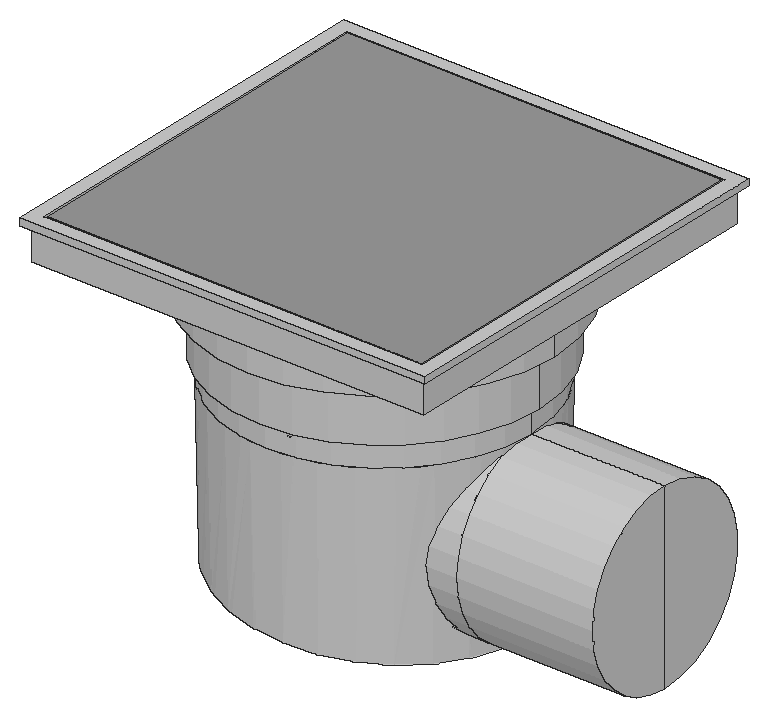
Revit family "HL_Дворовый трап серии Perfekt_HL605SW", category Instalační zařizovací předměty, Revit 2016
Family settings
  Typ součásti = Normální
  Kóta kulaté spojky = Použít průměr
  Číslo OmniClass = 23.70.50.21.24.14
  Nadpis OmniClass = Deck Waste Water Drains
  Založené na pracovní rovině = Ne
  Vždy vertikální = Ano
  Ořezat dutým tvarem při načtení = Ne
  Sdílené = Ne
  Bod výpočtu místnosti = Ano
Parameters
  РЕШЁТКА = "Edelstahl 226 x 226 mm"
  РАЗМЕР = "DN110"
  ПРОПУСКНАЯ СПОСОБНОСТЬ [instance] = 0.0 L/s
  ПРОИЗВОДИТЕЛЬНОСТЬ = "2,5 l/s"
  ПРАВОВАЯ ИНФОРМАЦИЯ = "\"Copyright (©), design rights or any other intellectual property rights, shall be the exclusive property of HL Hutterer & Lechner GmbH. Modification is not allowed. Family has been watermarked.\""
  НОМИНАЛЬНЫЙ ДИАМЕТР = 110 mm
  НАСАДКА = "244 x 244 mm"
  МАТЕРИАЛ = "PP"
  МАКСИМАЛЬНАЯ НАГРУЗКА КЛАССА = "L - 1,5 t"
  ВЫСОТА МОНТАЖА = "206 mm"
  ВЕС = "2,79 kg"
  Výrobce = "HL Hutterer & Lechner GmbH"
  URL = "http://www.hutterer-lechner.com/en/products/catalog/roof-drains/HL605SW.aspx"
  Материал плитка [instance] = none
  Připojení ventilace = no
  Připojení odpadu = yes
  Připojení HW = no
  Připojení CW = no
  Description = ""
  Model = "HL605SW"
  Assembly Code = " "
  Type Comments = "perfect-drain DN110 horizontal 244x244mm plastic/226x226mm stainless steel with trap seal"
  Keynote = "HL605SW"
  IH [instance] = Высота монтажа 1 + Высота монтажа 2  # 0 mm
  Высота монтажа 2 [instance] = 0 mm
  Высота монтажа 1 [instance] = 0 mm
  G [instance] = 90.00°  # constant formula
  EAN = "9003076011117"
  D [instance] = 170 mm
  C [instance] = if(IH - 68 mm < 0 mm, 0 mm, IH - 68 mm)  # 0 mm
  B [instance] = IH + 151.2 mm  # 151.2 mm
  A [instance] = if(B - 100 mm > 15 mm, B - 100 mm, 15 mm)  # 51.2 mm
Types (2, lengths in mm): name | ПРАВОВАЯ ИНФОРМАЦИЯ | URL | Description | Type Comments
  (no name) | "\"Copyright (©), design rights or any other intellectual property rights, shall be the exclusive property of HL Hutterer & Lechner GmbH. Modification is not allowed. Family has been watermarked.\"" | "http://www.hutterer-lechner.com/en/products/catalog/roof-drains/HL605SW.aspx" | "" | "perfect-drain DN110 horizontal 244x244mm plastic/226x226mm stainless steel with trap seal"
  HL_Дворовый трап серии Perfekt_HL605SW | "\"Авторские права(©), права на дизайн или какие либо другие права интелектуальной собственности являются исключительной собственностью компании HL Hutterer & Lechner. Изменению не подлежит. Файл семейства с данными о прозводителе изделия защищен паролем с водяным знаком.\"" | "http://www.hutterer-lechner.com/ru/products/catalog/roof-drains/HL605SW.aspx" | "Дворовый трап серии Perfekt DN110 горизонтальный выпуск" | "Дворовый трап серии Perfekt DN110 горизонтальный 244х244мм ПП/226х226мм нержавеющая сталь с водяным затвором."
Reference planes
  plane 1 "Center (Front/Back)": y = 0
  plane 2: z = 0
  plane 3 "Center (Left/Right)": x = 0
  plane 4: z = -151.2
  plane 5: z = 0
  plane 6: z = 0
Lines and regions (mm)
  model lines, style "InvisibleLines"
    curve 1: line (0, 0, 0) -> (0, 0, 20)
  model lines, style "PlumbingFixtures", detail levels coarse+medium
    curve 2: line (0, 0, -151.2) -> (0, 0, -100)
    curve 3: line (0, 0, -100) -> (-100, 0, 0)
    curve 4: line (0, 0, -100) -> (100, 0, 0)
    curve 6: line (0, 0, -151.2) -> (170, 0, -151.2)
  reference lines, not visible
    curve 5: line (0, 0, -151.2) -> (170, 0, -151.2)
  symbolic lines, style "PlumbingFixtures", detail levels coarse+medium
    curve 7: line (-75, 75, 0) -> (75, 75, 0)
    curve 8: line (-75, -75, 0) -> (-75, 75, 0)
    curve 9: line (75, -75, 0) -> (-75, -75, 0)
    curve 10: line (75, 75, 0) -> (75, -75, 0)
    curve 11: line (-75, 75, 0) -> (-145.711, 145.711, 0)
    curve 12: line (75, 75, 0) -> (145.711, 145.711, 0)
    curve 13: line (-75, -75, 0) -> (-145.711, -145.711, 0)
    curve 14: line (75, -75, 0) -> (145.711, -145.711, 0)
  symbolic lines, style "PlumbingFixtures", not visible, detail levels coarse+medium
    curve 15: line (-75, 75, 0) -> (75, 75, 0)
    curve 16: line (-75, -75, 0) -> (-75, 75, 0)
    curve 17: line (75, -75, 0) -> (-75, -75, 0)
    curve 18: line (75, 75, 0) -> (75, -75, 0)
    curve 19: line (-75, 75, 0) -> (-145.711, 145.711, 0)
    curve 20: line (75, 75, 0) -> (145.711, 145.711, 0)
    curve 21: line (-75, -75, 0) -> (-145.711, -145.711, 0)
    curve 22: line (75, -75, 0) -> (145.711, -145.711, 0)
Text (mm)
  text "FLOOR" at (-162.344, 0, -10.979), in view "Слева"
Dimensions and locks
  "B": plane 2 to plane 4
  "IH": plane 2 to plane 5
  "A": curve 4 to plane 4
  "D": curve 5 to curve 5
  "D": curve 6 to curve 6
  "Высота монтажа 1": plane 2 to plane 6
  locked: curve 4 to plane 3 "Center (Left/Right)" (angle 45.00°)
  locked: plane 3 "Center (Left/Right)" to curve 3 (angle 45.00°)
  "G": angle curve 5 to plane 3 "Center (Left/Right)"
  aligned and locked: level to plane 2
  aligned and locked: plane 2 to curve 4
  aligned and locked: plane 2 to curve 3
  aligned and locked: plane 4 to curve 5
  aligned and locked: plane 3 "Center (Left/Right)" to curve 5
  aligned and locked: plane 4 to curve 2
  aligned and locked: curve 6 to plane 3 "Center (Left/Right)"
  aligned and locked: curve 6 to plane 4
  aligned and locked: plane 3 "Center (Left/Right)" to nested 2
  aligned and locked: plane 2 to nested 2
  aligned and locked: plane 3 "Center (Left/Right)" to nested 1
  aligned and locked: plane 5 to nested 1
  aligned and locked: plane 3 "Center (Left/Right)" to nested 3
  aligned and locked: nested 1 to nested 3
  aligned and locked: plane 3 "Center (Left/Right)" to nested 4
  aligned and locked: nested 4 to nested 1
Automatic sketch dimensions
  curve 2 to plane 3 "Center (Left/Right)" = 0 mm
  curve 1 to plane 3 "Center (Left/Right)" = 0 mm
  curve 1 to level = 0 mm
  level to curve 1 = 20 mm
Nested families
  nested 1: "HL-кровельные воронки - корпус-HL605K" at (0, 0, 0), type "HL-кровельные воронки - корпус-HL605K"
  nested 2: "HL-Решетка для сливного отверстия-HL0605.3E" at (0, 0, 0), type "HL-Решетка для сливного отверстия-HL0605.3E"
  nested 3: "HL-Песколовка-HL0606.2E" at (0, 0, -19.999), type "HL-Песколовка-HL0606.2E"
  nested 4: "HL-Вкладыш запахозапирающий-HL0605.2E" at (0, 0, -77), type "HL-Вкладыш запахозапирающий-HL0605.2E"
Connectors
  piping at (170, 0, -151.2), diameter 110, driven by "ПРОПУСКНАЯ СПОСОБНОСТЬ", driven by "НОМИНАЛЬНЫЙ ДИАМЕТР"
    settings: on curve 5, index 1, connector inside diameter 609.6 mm, connector length 0 mm, flow factor 0, pipe flow 0.0 L/s, pressure drop 0.0 Pa, fitting loss kfactor 0, connector angle 0.00°, fixture units 0, engagement length 0 mm, angle of deflection 0.00°, flow configuration 1, flow direction 2, fitting loss method 0, system type 16, joint type 0, gender type 0, connector reference index -1, connector utility 0, adjustable connector yes, is connector primary yes, connector description ""
Definition of nested family "HL-кровельные воронки - корпус-HL605K"
  Parameters (values of type "HL-кровельные воронки - корпус-HL605K")
    РАЗМЕР = "DN110"
    ПРАВОВАЯ ИНФОРМАЦИЯ = "\"Авторские права(©), права на дизайн или какие либо другие права интелектуальной собственности являются исключительной собственностью компании HL Hutterer & Lechner. Изменению не подлежит. Файл семейства с данными о прозводителе изделия защищен паролем с водяным знаком.\""
    НАСАДКА = "244 x 244 mm"
    МАТЕРИАЛ = "PP"
    ВЫСОТА МОНТАЖА = "206 mm"
    ВЕС = "0,696 kg"
    Manufacturer = "HL Hutterer & Lechner GmbH"
    URL = "http://www.hutterer-lechner.com/ru/products/catalog/roof-drains/HL605K.aspx"
    Description = "Дворовый трап серии Perfekt DN110 горизонтальный выпуск"
    Model = "HL605K"
    материал = none
    Type Comments = "Корпус дворового трапа серии Perfekt DN110 горизонтальный 244х244мм ПП"
    Keynote = "HL605K"
    EAN = "9003076012749"
    Cost = 0
  Values of the unnamed type that differ from the named types
    РАЗМЕР = ""
    ПРАВОВАЯ ИНФОРМАЦИЯ = ""
    НАСАДКА = ""
    МАТЕРИАЛ = ""
    ВЫСОТА МОНТАЖА = ""
    ВЕС = ""
    Manufacturer = ""
    URL = ""
    Description = ""
    Model = ""
    Type Comments = ""
    Keynote = ""
    EAN = ""
  Reference planes
    plane 1 "Střed (vpředu/vzadu)": y = 0
    plane 2: z = 0
    plane 3 "Střed (vlevo/vpravo)": x = 0
  Forms (mm)
    Extrusion 1, solid, material <- "материал", detail levels fine
      sketch origin (0, 0, 0) x (1, 0, 0) y (0, 1, 0)
        loop
          line (-118.5, 118.5) -> (-118.5, -118.5) -> (118.5, -118.5) -> (118.5, 118.5) -> (-118.5, 118.5)
        loop
          line (114.5, -114.5) -> (114.5, 114.5) -> (-114.5, 114.5) -> (-114.5, -114.5) -> (114.5, -114.5)
      from -4 to -20
    Extrusion 2, solid, material <- "материал", detail levels fine
      sketch origin (0, 0, 0) x (1, 0, 0) y (0, 1, 0)
        loop
          line (-118.5, 118.5) -> (-118.5, -118.5) -> (118.5, -118.5) -> (118.5, 118.5) -> (-118.5, 118.5)
        loop
          circle (0, 0) r 99.04
      from -20 to -24
    Extrusion 3, solid, material <- "материал", detail levels fine
      sketch origin (0, 0, 0) x (1, 0, 0) y (0, 1, 0)
        loop
          line (-122.5, 122.5) -> (-122.5, -122.5) -> (122.5, -122.5) -> (122.5, 122.5) -> (-122.5, 122.5)
        loop
          line (114.5, -114.5) -> (114.5, 114.5) -> (-114.5, 114.5) -> (-114.5, -114.5) -> (114.5, -114.5)
      from -4 to 0
    Revolve 4, solid, material <- "материал", detail levels fine
      sketch origin (0, 0, 0) x (1, 0, 0) y (0, 0, 1)
        loop
          line (-99.04, -24) -> (-102.992, -24) -> (-102.992, -49.657) -> (-93.991, -49.657) -> (-93.991, -81.233) -> (-89.525, -81.233) -> (-89.525, -96.233) -> (-87.601, -206.46) -> (0, -206.46) -> (0, -142.233) -> (-85.48, -142.233) -> (-85.48, -77) -> (-90.064, -77) -> (-90.064, -42) -> (-99.04, -42) -> (-99.04, -24)
        axis (0, -24) -> (0, -206.46)
      angle from 0 to 360
    Extrusion 5, void
      sketch origin (0, 0, 0) x (1, 0, 0) y (0, 0, 1)
        loop
          line (101.097, -207.584) -> (-103.425, -190.313) -> (-103.425, -230.313) -> (101.097, -230.313) -> (101.097, -207.584)
      from -118.5 to 100
    Revolve 6, solid, material <- "материал", detail levels fine
      sketch origin (0, 0, 0) x (1, 0, 0) y (0, 0, 1)
        loop
          line (170, -151.233) -> (52.576, -151.233) -> (52.576, -206.233) -> (87.576, -206.233) -> (170, -206.233) -> (170, -151.233)
        axis (52.576, -151.233) -> (170, -151.233)
      angle from 0 to 360
    Extrusion 7, void
      sketch origin (0, 0, 0) x (1, 0, 0) y (0, 1, 0)
        loop
          line (53.489, 64) -> (-15, 64) -> (-15, 82.049)
          arc (-15, 82.049) -> (-83.409, 0) -> (-15, -82.049) r 83.409
          line (-15, -82.049) -> (-15, -64) -> (53.489, -64)
          arc (53.489, -64) -> (83.409, 0) -> (53.489, 64) r 83.409
      from -186.135 to -66.314
    Extrusion 8, void
      sketch origin (400, 0, 0) x (1, 0, 0) y (0, 1, 0)
        loop
          line (-343.274, 64) -> (-415, 64) -> (-415, -64) -> (-344.352, -64)
          arc (-344.352, -64) -> (-313.891, -0.252) -> (-343.274, 64) r 83.409
      from -186.135 to -66.314
  Cuts and joins
    Extrusion 5, Extrusion 7 cuts Revolve 4
    joined: Extrusion 1, Extrusion 2, Extrusion 3, Revolve 4
    Extrusion 5, Extrusion 8 cuts Revolve 6
  Dimensions and locks
    aligned and locked: level to plane 2
Definition of nested family "HL-Решетка для сливного отверстия-HL0605.3E"
  Parameters
    ПРАВОВАЯ ИНФОРМАЦИЯ = ""
    МАТЕРИАЛ = ""
    МАКСИМАЛЬНАЯ НАГРУЗКА КЛАССА = ""
    ВЕС = ""
    Manufacturer = ""
    URL = ""
    Description = ""
    Model = ""
    материал 2 = none
    материал = none
    Type Comments = ""
    Keynote = ""
    EAN = ""
    Cost = 0
  Types (2, lengths in mm): name | ПРАВОВАЯ ИНФОРМАЦИЯ | МАТЕРИАЛ | МАКСИМАЛЬНАЯ НАГРУЗКА КЛАССА | ВЕС | Manufacturer | URL | Description | Model | Type Comments | Keynote | EAN
    (no name) | "" | "" | "" | "" | "" | "" | "" | "" | "" | "" | ""
    HL-Решетка для сливного отверстия-HL0605.3E | "\"Авторские права(©), права на дизайн или какие либо другие права интелектуальной собственности являются исключительной собственностью компании HL Hutterer & Lechner. Изменению не подлежит. Файл семейства с данными о прозводителе изделия защищен паролем с водяным знаком.\"" | "Edelstahl" | "A - 1,5 t (aussen)" | "1,82 kg" | "HL Hutterer & Lechner GmbH" | "http://www.hutterer-lechner.com/ru/products/catalog/roof-drains/HL0605.3E.aspx" | "Решетка для сливного отверстия" | "HL0605.3E" | "Решетка для сливного отверстия нержавеющая сталь 226х226мм с промежуточной деталью" | "HL0605.3E" | "9003076010752"
  Reference planes
    plane 1 "Střed (vpředu/vzadu)": y = 0
    plane 2: z = 0
    plane 3 "Střed (vlevo/vpravo)": x = 0
  Forms (mm)
    Extrusion 1, solid, material <- "материал 2", detail levels fine
      sketch origin (0, 0, 0) x (1, 0, 0) y (0, 1, 0)
        loop
          line (-113.2, 113.5) -> (-113.2, -113.5) -> (113.8, -113.5) -> (113.8, 113.5) -> (-113.2, 113.5)
      from -5 to 0
    Extrusion 2, solid, material <- "материал 2", detail levels fine
      sketch origin (0, 0, 0) x (1, 0, 0) y (0, 1, 0)
        loop
          line (112.8, -112.5) -> (112.8, 112.5) -> (-112.2, 112.5) -> (-112.2, -112.5) -> (112.8, -112.5)
        loop
          circle (0, 0) r 101.037
      from -5 to -20
  Cuts and joins
    joined: Extrusion 1, Extrusion 2
  Lines and regions (mm)
    model lines, detail levels fine
      curve 1: line (81.617, 45.962, 0) -> (46.262, 10.607, 0)
      curve 2: line (35.655, 21.213, 0) -> (71.011, 56.569, 0)
      curve 3: line (56.869, 70.711, 0) -> (21.513, 35.355, 0)
      curve 4: line (10.907, 45.962, 0) -> (46.262, 81.317, 0)
      curve 5: line (7.8, 88, 0) -> (7.8, 72, 0)
      curve 6: line (-7.2, 72, 0) -> (-7.2, 88, 0)
      curve 7: arc (7.8, 88, 0) -> (0.3, 95.5, 0) -> (-7.2, 88, 0) r 7.5
      curve 8: arc (7.8, 72, 0) -> (0.3, 64.5, 0) -> (-7.2, 72, 0) r 7.5
      curve 9: arc (56.869, 70.711, 0) -> (56.869, 81.317, 0) -> (46.262, 81.317, 0) r 7.5
      curve 10: arc (81.617, 45.962, 0) -> (81.617, 56.569, 0) -> (71.011, 56.569, 0) r 7.5
      curve 11: arc (46.262, 10.607, 0) -> (35.655, 10.607, 0) -> (35.655, 21.213, 0) r 7.5
      curve 12: arc (21.513, 35.355, 0) -> (10.907, 35.355, 0) -> (10.907, 45.962, 0) r 7.5
      curve 13: line (81.617, -45.962, 0) -> (46.262, -10.607, 0)
      curve 14: line (35.655, -21.213, 0) -> (71.011, -56.569, 0)
      curve 15: line (56.869, -70.711, 0) -> (21.513, -35.355, 0)
      curve 16: line (10.907, -45.962, 0) -> (46.262, -81.317, 0)
      curve 17: arc (56.869, -70.711, 0) -> (56.869, -81.317, 0) -> (46.262, -81.317, 0) r 7.5
      curve 18: arc (81.617, -45.962, 0) -> (81.617, -56.569, 0) -> (71.011, -56.569, 0) r 7.5
      curve 19: arc (46.262, -10.607, 0) -> (35.655, -10.607, 0) -> (35.655, -21.213, 0) r 7.5
      curve 20: arc (21.513, -35.355, 0) -> (10.907, -35.355, 0) -> (10.907, -45.962, 0) r 7.5
      curve 21: line (-81.617, 45.962, 0) -> (-46.262, 10.607, 0)
      curve 22: line (-35.655, 21.213, 0) -> (-71.011, 56.569, 0)
      curve 23: line (-56.869, 70.711, 0) -> (-21.513, 35.355, 0)
      curve 24: line (-10.907, 45.962, 0) -> (-46.262, 81.317, 0)
      curve 25: arc (-56.869, 70.711, 0) -> (-56.869, 81.317, 0) -> (-46.262, 81.317, 0) r 7.5
      curve 26: arc (-81.617, 45.962, 0) -> (-81.617, 56.569, 0) -> (-71.011, 56.569, 0) r 7.5
      curve 27: arc (-46.262, 10.607, 0) -> (-35.655, 10.607, 0) -> (-35.655, 21.213, 0) r 7.5
      curve 28: arc (-21.513, 35.355, 0) -> (-10.907, 35.355, 0) -> (-10.907, 45.962, 0) r 7.5
      curve 29: line (-81.617, -45.962, 0) -> (-46.262, -10.607, 0)
      curve 30: line (-35.655, -21.213, 0) -> (-71.011, -56.569, 0)
      curve 31: line (-56.869, -70.711, 0) -> (-21.513, -35.355, 0)
      curve 32: line (-10.907, -45.962, 0) -> (-46.262, -81.317, 0)
      curve 33: arc (-56.869, -70.711, 0) -> (-56.869, -81.317, 0) -> (-46.262, -81.317, 0) r 7.5
      curve 34: arc (-81.617, -45.962, 0) -> (-81.617, -56.569, 0) -> (-71.011, -56.569, 0) r 7.5
      curve 35: arc (-46.262, -10.607, 0) -> (-35.655, -10.607, 0) -> (-35.655, -21.213, 0) r 7.5
      curve 36: arc (-21.513, -35.355, 0) -> (-10.907, -35.355, 0) -> (-10.907, -45.962, 0) r 7.5
      curve 37: line (88, 7.8, 0) -> (72, 7.8, 0)
      curve 38: line (72, -7.2, 0) -> (88, -7.2, 0)
      curve 39: arc (88, 7.8, 0) -> (95.5, 0.3, 0) -> (88, -7.2, 0) r 7.5
      curve 40: arc (72, 7.8, 0) -> (64.5, 0.3, 0) -> (72, -7.2, 0) r 7.5
      curve 41: line (-88, 7.8, 0) -> (-72, 7.8, 0)
      curve 42: line (-72, -7.2, 0) -> (-88, -7.2, 0)
      curve 43: arc (-88, 7.8, 0) -> (-95.5, 0.3, 0) -> (-88, -7.2, 0) r 7.5
      curve 44: arc (-72, 7.8, 0) -> (-64.5, 0.3, 0) -> (-72, -7.2, 0) r 7.5
      curve 45: line (7.8, -88, 0) -> (7.8, -72, 0)
      curve 46: line (-7.2, -72, 0) -> (-7.2, -88, 0)
      curve 47: arc (7.8, -88, 0) -> (0.3, -95.5, 0) -> (-7.2, -88, 0) r 7.5
      curve 48: arc (7.8, -72, 0) -> (0.3, -64.5, 0) -> (-7.2, -72, 0) r 7.5
  Dimensions and locks
    aligned and locked: level to plane 2
Definition of nested family "HL-Песколовка-HL0606.2E"
  Parameters (values of type "HL-Песколовка-HL0606.2E")
    ПРАВОВАЯ ИНФОРМАЦИЯ = "\"Авторские права(©), права на дизайн или какие либо другие права интелектуальной собственности являются исключительной собственностью компании HL Hutterer & Lechner. Изменению не подлежит. Файл семейства с данными о прозводителе изделия защищен паролем с водяным знаком.\""
    МАТЕРИАЛ = "PP"
    ВЕС = "0,09 kg"
    Manufacturer = "HL Hutterer & Lechner GmbH"
    URL = "http://www.hutterer-lechner.com/ru/products/catalog/roof-drains/HL0606.2E.aspx"
    Description = "Песколовка"
    Model = "HL0606.2E"
    материал = none
    Type Comments = "Песколовка"
    Keynote = "HL0606.2E"
    EAN = "9003076060627"
    Cost = 0
  Values of the unnamed type that differ from the named types
    ПРАВОВАЯ ИНФОРМАЦИЯ = ""
    МАТЕРИАЛ = ""
    ВЕС = ""
    Manufacturer = ""
    URL = ""
    Description = ""
    Model = ""
    Type Comments = ""
    Keynote = ""
    EAN = ""
  Reference planes
    plane 1 "Střed (vpředu/vzadu)": y = 0
    plane 2: z = 0
    plane 3 "Střed (vlevo/vpravo)": x = 0
  Forms (mm)
    Revolve 1, solid, material <- "материал", detail levels fine
      sketch origin (0, 0, 0) x (1, 0, 0) y (0, 0, 1)
        loop
          line (0, -55.952) -> (0, -58.018) -> (57.601, -56.006)
          arc (57.601, -56.006) -> (65.932, -53.053) -> (69.532, -44.98) r 11.208
          line (69.532, -44.98) -> (72.482, -41.586) -> (75.031, -12.448) -> (75.865, -6.515)
          arc (75.865, -6.515) -> (76.428, -5.156) -> (77.786, -4.594) r 1.921
          line (77.786, -4.594) -> (95.979, -3.002) -> (95.979, -0.001) -> (73.246, -1.99) -> (69.436, -41.391) -> (67.501, -43.326)
          arc (67.501, -43.326) -> (65.111, -51.02) -> (57.603, -53.94) r 9.273
          line (57.603, -53.94) -> (0, -55.952)
        axis (0, -58.018) -> (0, -0.001)
      angle from 0 to 360
  Dimensions and locks
    aligned and locked: level to plane 2
Definition of nested family "HL-Вкладыш запахозапирающий-HL0605.2E"
  Parameters
    ПРАВОВАЯ ИНФОРМАЦИЯ = ""
    МАТЕРИАЛ = ""
    ВЕС = ""
    Manufacturer = ""
    URL = ""
    Description = ""
    Model = ""
    материал 2 = none
    материал = none
    Type Comments = ""
    Keynote = ""
    EAN = ""
    Cost = 0
  Types (2, lengths in mm): name | ПРАВОВАЯ ИНФОРМАЦИЯ | МАТЕРИАЛ | ВЕС | Manufacturer | URL | Description | Model | Type Comments | Keynote | EAN
    (no name) | "" | "" | "" | "" | "" | "" | "" | "" | "" | ""
    HL-Вкладыш запахозапирающий-HL0605.2E | "\"Авторские права(©), права на дизайн или какие либо другие права интелектуальной собственности являются исключительной собственностью компании HL Hutterer & Lechner. Изменению не подлежит. Файл семейства с данными о прозводителе изделия защищен паролем с водяным знаком.\"" | "PP" | "0,192 kg" | "HL Hutterer & Lechner GmbH" | "http://www.hutterer-lechner.com/ru/products/catalog/roof-drains/HL0605.2E.aspx" | "Вкладыш запахозапирающий" | "HL0605.2E" | "Вкладыш водяного затвора комплектный" | "HL0605.2E" | "9003076009725"
  Reference planes
    plane 1 "Střed (vpředu/vzadu)": y = 0
    plane 2: z = 0
    plane 3 "Střed (vlevo/vpravo)": x = 0
  Forms (mm)
    Revolve 1, solid, material <- "материал 2", detail levels fine
      sketch origin (0, 0, 0) x (1, 0, 0) y (0, 0, 1)
        loop
          line (88, -3) -> (88, 0) -> (82.921, 0) -> (82.921, -1.338) -> (78.867, -6.169) -> (78.867, -19.629) -> (76.315, -48.796)
          arc (76.315, -48.796) -> (75.558, -51.125) -> (73.796, -52.827) r 5.066
          line (73.796, -52.827) -> (58.029, -61.938) -> (58.029, -93.034) -> (53.399, -98) -> (41.859, -98) -> (41.859, -83.043) -> (45.35, -83.043) -> (45.35, -33) -> (29.878, -33) -> (29.878, -100) -> (52.94, -100)
          arc (52.94, -100) -> (57.932, -97.932) -> (60, -92.939) r 7.061
          line (60, -92.939) -> (60, -65.894)
          arc (60, -65.894) -> (60.671, -63.394) -> (62.5, -61.564) r 5.003
          line (62.5, -61.564) -> (74.706, -54.511)
          arc (74.706, -54.511) -> (77.106, -52.212) -> (78.174, -49.065) r 6.994
          line (78.174, -49.065) -> (81.088, -15.754) -> (83.996, -15.499) -> (83.996, -12.378)
          arc (83.996, -12.378) -> (85.775, -10) -> (83.996, -7.623) r 2.478
          line (83.996, -7.623) -> (83.996, -3) -> (88, -3)
        axis (0, 0) -> (0, -100)
      angle from 0 to 360
    Revolve 2, solid, material <- "материал", detail levels fine
      sketch origin (0, 0, 0) x (1, 0, 0) y (0, 0, 1)
        loop
          line (47.229, -83.043) -> (47.229, -28.043)
          arc (47.229, -28.043) -> (43.63, -19.353) -> (34.94, -15.754) r 12.289
          line (34.94, -15.754) -> (0, -15.754) -> (0, -48.796) -> (45.35, -48.796) -> (45.35, -83.043) -> (47.229, -83.043)
        axis (0, -83.043) -> (0, -15.754)
      angle from 0 to 360
  Dimensions and locks
    aligned and locked: level to plane 2
